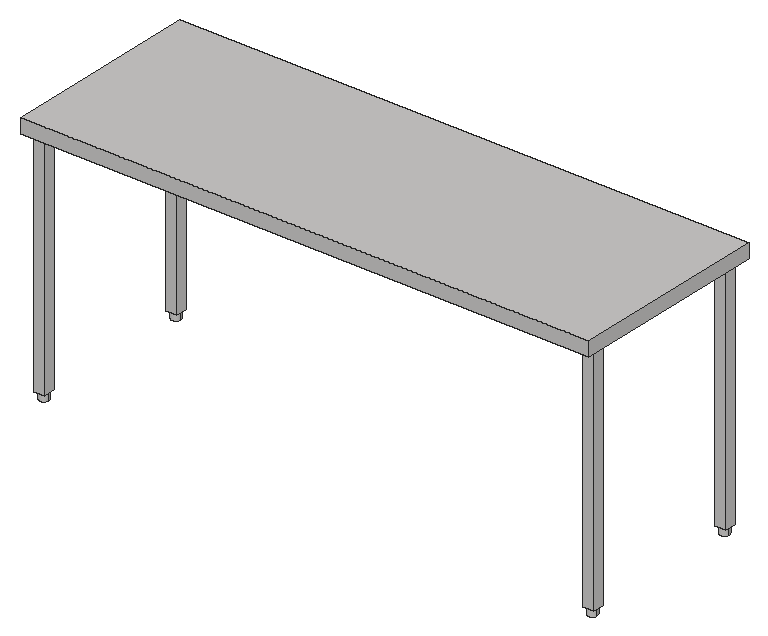
Revit family "QF_ZANUSSI_132844_WTD2007N", category Attrezzature speciali, Revit 2020
Family settings
  Quota connettore circolare = Usa diametro
  Tipo di parte = Normale
  Basato su piano di lavoro = No
  Sempre verticale = Sì
  Taglio con vuoti quando caricato = No
  Condiviso = No
  Punto di calcolo locali = No
Parameters (values of type "Standard")
  Weight = 63.00 kg
  Watts = 0 W
  Volts = 0 V
  URL Manufacturer = "http://www.zanussiprofessional.com"
  URL = "http://www.zanussiprofessional.com"
  Steam Supply Size = 0 mm
  Steam Supply Minimum Pressure = 0.0 Pa
  Steam Supply Maximum Pressure = 0.0 Pa
  Steam Consumption per Hour = 0
  Refrigeration Suction Line Size = 0.0 mm
  Refrigeration Liquid Line Size = 0.0 mm
  Refrigerant Compressor Remote = yes
  Prospetto di default = 0.0 mm
  Produttore = "Zanussi"
  Phase = 0
  Modello = "WTD2007N"
  Length Actual = 2000.0 mm  # constant formula
  Item Number = "132844"
  Hot Water Size = 0 mm
  Height Actual = 900.0 mm  # constant formula
  HP = "0 HP"
  Gas Size = 0 mm
  Gas KW = 0
  Gas Input Pressure = 0 W
  Direct Waste Size = 0 mm
  Descrizione = "WORK TABLE-DISASSEMBLED 2000MM"
  Depth Actual = 700.0 mm  # constant formula
  Cycle = 0 Hz
  Condensate Return Size = 0 mm
  Compressed Air Volume = 0.0 L/s
  Compressed Air Size = 0 mm
  Compressed Air Pressure = 0.0 Pa
  Cold Water Size = 0 mm
  Accessory = yes
Reference planes
  plane 1 "Center (Front/Back)": y = 0
  plane 2: z = 0
  plane 3 "Center (Left/Right)": x = -500
  plane 4 "LEFT": x = -1500
  plane 5 "RIGHT": x = 500
  plane 6 "BACK": y = 350
  plane 7 "FRONT": y = -350
  plane 8 "Base": z = 850
  plane 9 "TOP": z = 900
  plane 10: x = -1464.5
  plane 11: x = 464.5
  plane 12: y = 290
  plane 13: y = -290
Forms (mm)
  Extrusion 1, solid, material "QF_Finishes_Stainless Steel"
    sketch origin (-500, 0, 0) x (0, 1, 0) y (0, 0, 1)
      loop
        line (-350, 850) -> (350, 850) -> (350, 900) -> (-350, 900) -> (-350, 850)
    from 1000 to -1000
Lines and regions (mm)
  symbolic lines
    curve 1: line (500, 350, 900) -> (-1500, 350, 900)
    curve 2: line (-1500, 350, 900) -> (-1500, -350, 900)
    curve 3: line (-1500, -350, 900) -> (500, -350, 900)
    curve 4: line (500, -350, 900) -> (500, 350, 900)
Dimensions and locks
  plane 4 "LEFT" to plane 5 "RIGHT" = 2000.0 mm
  equal spacing: plane 4 "LEFT", plane 3 "Center (Left/Right)", plane 5 "RIGHT"
  locked: plane 8 "Base" to level at 850
  plane 4 "LEFT" to plane 10 = 35.5 mm
  plane 11 to plane 5 "RIGHT" = 35.5 mm
  plane 10 to plane 11 = 1929.0 mm
  locked: plane 9 "TOP" to level at 900
  plane 6 "BACK" to plane 12 = 60.0 mm
  plane 13 to plane 7 "FRONT" = 60.0 mm
  plane 6 "BACK" to plane 7 "FRONT" = 700.0 mm
  plane 12 to plane 13 = 580.0 mm
  equal spacing: plane 6 "BACK", plane 1 "Center (Front/Back)", plane 7 "FRONT"
  aligned and locked: level to plane 2
  aligned and locked: plane 10 to nested 1
  aligned and locked: nested 1 to plane 13
  aligned and locked: plane 11 to nested 2
  aligned and locked: nested 2 to plane 13
  aligned and locked: plane 11 to nested 4
  aligned and locked: nested 4 to plane 12
  aligned and locked: plane 10 to nested 3
  aligned and locked: nested 3 to plane 12
  aligned and locked: Extrusion 1 to plane 4 "LEFT"
  aligned and locked: plane 5 "RIGHT" to Extrusion 1
  aligned and locked: curve 2 to plane 4 "LEFT"
Automatic sketch dimensions
  Extrusion 1 sketch curve to plane 7 "FRONT" = 0.0 mm
  Extrusion 1 sketch curve to plane 8 "Base" = 0.0 mm
  curve 3 to plane 7 "FRONT" = 0.0 mm
  curve 4 to plane 6 "BACK" = 0.0 mm
  Extrusion 1 sketch curve to plane 9 "TOP" = 0.0 mm
  Extrusion 1 sketch curve to plane 6 "BACK" = 0.0 mm
  curve 4 to plane 5 "RIGHT" = 0.0 mm
Nested families
  nested 1: "FEET_40x40" at (-1464.5, -290, 0), type "FEET_40x40"
  nested 2: "FEET_40x40" at (464.5, -290, 0), type "FEET_40x40"
  nested 3: "FEET_40x40" at (-1464.5, 290, 0), type "FEET_40x40"
  nested 4: "FEET_40x40" at (464.5, 290, 0), type "FEET_40x40"
Definition of nested family "FEET_40x40"
  Parameters
    Default Elevation = 0.0 mm
    FEET = 850.0 mm
  Reference planes
    plane 1 "Center (Front/Back)": y = 0
    plane 2: z = 0
    plane 3 "Center (Left/Right)": x = 0
    plane 4: z = 850
  Forms (mm)
    Extrusion 1, solid
      sketch origin (0, 0, 0) x (1, 0, 0) y (0, 1, 0)
        loop
          line (-20, -20) -> (20, -20) -> (20, 20) -> (-20, 20) -> (-20, -20)
      from 25 to 845
    Extrusion 2, solid
      sketch origin (0, 0, 0) x (1, 0, 0) y (0, 1, 0)
        loop
          circle (0, 0) r 16
      from 0 to 25
    Extrusion 3, solid
      sketch origin (0, 0, 0) x (1, 0, 0) y (0, 1, 0)
        loop
          line (30, 30) -> (-30, 30) -> (-30, -30) -> (30, -30) -> (30, 30)
      from 845 to 850
  Lines and regions (mm)
    symbolic lines
      curve 1: line (0, -1.503, 0) -> (0, 1.508, 0)
      curve 2: line (1.561, 0, 0) -> (-1.439, 0, 0)
  Dimensions and locks
    "FEET": plane 4 to plane 2
    aligned and locked: level to plane 2
  Automatic sketch dimensions
    Extrusion 1 sketch curve to plane 3 "Center (Left/Right)" = 20.0 mm
    plane 3 "Center (Left/Right)" to Extrusion 1 sketch curve = 20.0 mm
    plane 1 "Center (Front/Back)" to Extrusion 1 sketch curve = 20.0 mm
    Extrusion 1 sketch curve to plane 1 "Center (Front/Back)" = 20.0 mm
    plane 1 "Center (Front/Back)" to Extrusion 2 sketch curve = 0.0 mm
    Extrusion 2 sketch curve to plane 3 "Center (Left/Right)" = 0.0 mm
    plane 3 "Center (Left/Right)" to Extrusion 3 sketch curve = 30.0 mm
    Extrusion 3 sketch curve to plane 1 "Center (Front/Back)" = 30.0 mm
    Extrusion 3 sketch curve to plane 3 "Center (Left/Right)" = 30.0 mm
    plane 1 "Center (Front/Back)" to Extrusion 3 sketch curve = 30.0 mm
    plane 1 "Center (Front/Back)" to curve 2 = 0.0 mm
    curve 1 to plane 3 "Center (Left/Right)" = 0.0 mm
    curve 2 to plane 3 "Center (Left/Right)" = 1.439 mm
    plane 3 "Center (Left/Right)" to curve 2 = 1.561 mm
    plane 1 "Center (Front/Back)" to curve 1 = 1.503 mm
    curve 1 to plane 1 "Center (Front/Back)" = 1.508 mm
    radius of Extrusion 2 sketch curve = 16.0 mm
